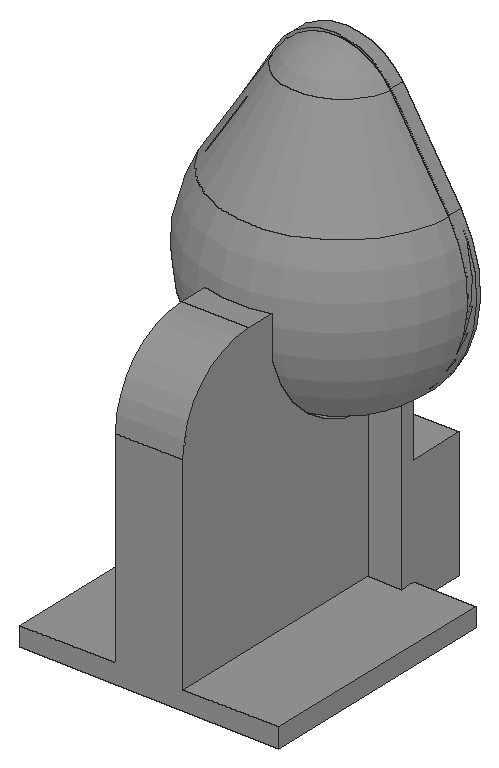
Revit family "Toilet-Willoughby-1490-ETW-CM-BS", category Plumbing Fixtures, host Face, Revit 2014
Parameters (values of type "Standard")
  Waste DIA = 2 1/2"
  Waste Connection = yes
  W-RAD [instance] = Waste DIA / 2  # 0' - 1 1/4"
  Vent Connection = no
  URL = "www.willoughby-ind.com"
  Type Comments = ""
  Revision = "A"
  Model = "ETW-1490-CM-BS"
  Manufacturer = "Willoughby Industries"
  HW Connection = no
  Flush inlet DIA = 1 1/2"
  Flush Inlet Connection = yes
  Fixture Body = Stainless Steel AISI 304-Willoughby
  F-RAD [instance] = Flush inlet DIA / 2  # 0' - 0 3/4"
  Description = "Carrier Mounted Toilet"
  Default Elevation = 0' - 0"
  Contact Number = "(800) 428-4065"
  CW Connection = no
Reference planes (in)
  plane 1 "Base": y = -16.25
  plane 2: z = 0
  plane 3 "Center": x = 18.31072
  plane 4 "Waste height": y = -4.75
  plane 5 "Seat HGT": y = -1.25
  plane 6: z = -6.75
  plane 7: y = -2.125
  plane 8 "Unit HGT Off Floor": y = -14.0625
  plane 9 "Flush Inlet HGT": y = 0.5
  plane 10: x = 16.56072
  plane 11: x = 20.06072
  plane 12: x = 11.56072
  plane 13: x = 25.06072
Forms (in)
  Extrusion 1, solid, material "Stainless Steel AISI 304-Willoughby" <- "Fixture Body"
    sketch origin (16.08109, 7.47968, -7.1422) x (-1, 0, 0) y (0, 0, -1)
      loop
        line (1.29775, -16.80087) -> (1.29775, -7.1422) -> (-5.72963, -7.1422) -> (-5.72963, -16.81676)
        arc (-5.72963, -16.81676) -> (-8.98136, -21.11843) -> (-8.21015, -26.45542) r 7
        line (-8.21015, -26.45542) -> (-5.16818, -31.31054)
        arc (-5.16818, -31.31054) -> (-2.20225, -32.95225) -> (0.76368, -31.31054) r 3.5
        line (0.76368, -31.31054) -> (3.80565, -26.45542)
        arc (3.80565, -26.45542) -> (4.5729, -21.10311) -> (1.29775, -16.80087) r 7
      loop
        arc (2.03989, -24.70557) -> (-2.20225, -18.23804) -> (-6.44438, -24.70557) r 4.625
        line (-6.44438, -24.70557) -> (-4.04125, -30.23842)
        arc (-4.04125, -30.23842) -> (-2.20225, -31.45225) -> (-0.36324, -30.23842) r 2
        line (-0.36324, -30.23842) -> (2.03989, -24.70557)
    from 8.72968 to 9.5
  Revolve 2, solid, material "Stainless Steel AISI 304-Willoughby" <- "Fixture Body"
    sketch origin (19.37246, -1.52032, -3.93826) x (-1, 0, 0) y (0, 0, -1)
      loop
        line (1.06174, -12.59906) -> (1.06174, -12.84906)
        arc (1.06174, -12.84906) -> (6.96784, -16.33096) -> (6.78077, -23.18447) r 6.75
        line (6.78077, -23.18447) -> (3.81535, -27.91457)
        arc (3.81535, -27.91457) -> (2.63527, -29.03194) -> (1.06174, -29.43826) r 3.25
        line (1.06174, -29.43826) -> (1.06174, -29.68826)
        arc (1.06174, -29.68826) -> (2.75672, -29.25045) -> (4.02767, -28.04656) r 3.5
        line (4.02767, -28.04656) -> (7.06964, -23.19143)
        arc (7.06964, -23.19143) -> (7.15052, -16.14555) -> (1.06174, -12.59906) r 7
      axis (1.06174, -12.59906) -> (1.06174, -29.68826)
    angle from 0 to -180
  Extrusion 3, solid, material "Stainless Steel AISI 304-Willoughby" <- "Fixture Body"
    sketch origin (19.53334, -3.02032, -4.9508) x (0, 1, 0) y (0, 0, 1)
      loop
        line (-5.27082, 4.9508) -> (1, 4.9508) -> (1, 13.76086)
        arc (1, 13.76086) -> (-2.93256, 15.26109) -> (-5.27082, 18.76086) r 6.92744
        line (-5.27082, 18.76086) -> (-5.27082, 4.9508)
    from 0.52738 to -2.97262
  Extrusion 4, solid, material "Stainless Steel AISI 304-Willoughby" <- "Fixture Body"
    sketch origin (17.03334, 24.08792, -4.30581) x (0, 1, 0) y (0, 0, 1)
      loop
        line (-32.37906, 4.30581) -> (-32.37906, 20.30581) -> (-33.87467, 20.30581)
        arc (-33.87467, 20.30581) -> (-36.89808, 19.05347) -> (-38.15042, 16.03006) r 4.27575
        line (-38.15042, 16.03006) -> (-38.15042, 4.30581) -> (-32.37906, 4.30581)
    from -0.47262 to 3.02738
  Extrusion 5, solid, material "Stainless Steel AISI 304-Willoughby" <- "Fixture Body"
    sketch origin (0, 14.59309, 0) x (1, 0, 0) y (0, 1, 0)
      loop
        circle (18.31072, -19.34309) r 1.25
    from 5.5 to 0
  Extrusion 6, solid, material "Stainless Steel AISI 304-Willoughby" <- "Fixture Body"
    sketch origin (18.31072, 0, 0) x (0, 1, 0) y (0, 0, 1)
      loop
        line (-1.25, 0) -> (1.75, 0) -> (1.75, 6.6875) -> (-1.25, 6.6875) -> (-1.25, 0)
    from -3.52738 to 3.5
  Extrusion 7, solid, material "Stainless Steel AISI 304-Willoughby" <- "Fixture Body"
    sketch origin (0, 0, 0) x (1, 0, 0) y (0, 1, 0)
      loop
        circle (18.31072, 0.5) r 0.75
    from 0 to 1
  Extrusion 8, solid, material "Stainless Steel AISI 304-Willoughby" <- "Fixture Body"
    sketch origin (0, -16.25, 0) x (1, 0, 0) y (0, 0, 1)
      loop
        line (25.06072, 0) -> (25.06072, 1) -> (11.56072, 1) -> (11.56072, 0) -> (25.06072, 0)
    from -15 to -2.1875
Cuts and joins
  joined: Extrusion 1, Extrusion 3, Extrusion 4, Extrusion 6, Extrusion 8
Lines and regions (in)
  model lines, detail levels coarse+medium
    curve 1: line (25.06072, -16.25, 0) -> (25.06072, -16.25, 1)
  symbolic lines
    curve 2: line (25.06072, -14.0625, 0) -> (11.56072, -14.0625, 0)
    curve 3: line (11.56072, -14.0625, 0) -> (11.56072, -1.25, 0)
    curve 4: line (11.56072, -1.25, 0) -> (25.06072, -1.25, 0)
    curve 5: line (25.06072, -1.25, 0) -> (25.06072, -14.0625, 0)
    curve 6: line (11.28334, -2.02032, 0) -> (11.28334, -1.25, 0)
    curve 7: line (11.28334, -1.25, 0) -> (25.28334, -1.25, 0)
    curve 8: line (25.28334, -1.25, 0) -> (25.28334, -2.02032, 0)
    curve 9: arc (25.28334, -2.02032, 0) -> (23.0845, -6.65053, 0) -> (18.31072, -8.51727, 0) r 6.95592
    curve 10: arc (18.31072, -8.51727, 0) -> (13.53404, -6.6349, 0) -> (11.28334, -2.02032, 0) r 7.0842
    curve 11: line (14.78334, -1.25, 0) -> (14.78334, 1.75, 0)
    curve 12: line (14.78334, 1.75, 0) -> (21.81072, 1.75, 0)
    curve 13: line (21.81072, 1.75, 0) -> (21.81072, -1.25, 0)
    curve 14: line (20.06072, -8.30181, 0) -> (20.06072, -14.0625, 0)
    curve 15: line (16.56072, -8.28944, 0) -> (16.56072, -14.0625, 0)
    curve 16: line (11.56072, -16.25, 0) -> (25.06072, -16.25, 0)
    curve 17: line (25.06072, -16.25, 1) -> (21.81072, -16.25, 1)
    curve 18: line (21.81072, -16.25, 1) -> (21.81072, -16.25, 9.67456)
    curve 19: line (11.56072, -16.25, 0) -> (11.56072, -16.25, 1)
    curve 20: line (11.56072, -16.25, 1) -> (14.78334, -16.25, 1)
    curve 21: line (14.78334, -16.25, 1) -> (14.78334, -16.25, 9.65867)
    curve 23: arc (21.81072, -16.25, 9.67456) -> (25.08997, -16.25, 13.96915) -> (24.29124, -16.25, 19.31322) r 6.93374
    curve 24: line (24.29124, -16.25, 19.31322) -> (21.24927, -16.25, 24.16835)
    curve 25: arc (21.24927, -16.25, 24.16835) -> (19.97832, -16.25, 25.37224) -> (18.28334, -16.25, 25.81005) r 3.5
    curve 26: arc (18.28334, -16.25, 25.81005) -> (16.58835, -16.25, 25.37224) -> (15.31741, -16.25, 24.16835) r 3.5
    curve 27: line (15.31741, -16.25, 24.16835) -> (12.35249, -16.25, 19.43905)
    curve 28: arc (12.35249, -16.25, 19.43905) -> (11.49002, -16.25, 14.03241) -> (14.78334, -16.25, 9.65867) r 7
    curve 34: line (18.31072, -14.0625, 0) -> (18.31072, 1.75, 0)
    curve 35: line (18.31072, 1.75, 0) -> (18.31072, 1.75, 6.6875)
    curve 36: line (18.31072, 1.75, 6.6875) -> (18.31072, -1.25, 6.6875)
    curve 37: line (18.31072, -1.25, 6.6875) -> (18.31072, -1.25, 25.81005)
    curve 38: line (18.31072, -1.25, 25.81005) -> (18.31072, -2.02032, 25.81005)
    curve 39: arc (18.31072, -2.02032, 25.81005) -> (18.31072, -3.2711, 25.30166) -> (18.31072, -4.27634, 24.40034) r 3.93423
    curve 40: line (18.31072, -4.27634, 24.40034) -> (18.31072, -7.52822, 19.25317)
    curve 41: arc (18.31072, -7.52822, 19.25317) -> (18.31072, -8.20736, 17.68218) -> (18.31072, -8.52281, 16) r 7.7025
    curve 42: line (18.31072, -8.29114, 16) -> (18.31072, -9.78675, 16)
    curve 43: arc (18.31072, -9.78675, 16) -> (18.31072, -12.81016, 14.74766) -> (18.31072, -14.0625, 11.72425) r 4.27575
    curve 44: line (18.31072, -14.0625, 11.72425) -> (18.31072, -14.0625, 0)
    curve 45: line (18.31072, -14.0625, 1) -> (18.31072, -2.02032, 1)
    curve 46: line (18.31072, -2.02032, 1) -> (18.31072, -2.02032, 9.65867)
    curve 47: line (18.31072, -2.02032, 9.65867) -> (18.31072, -1.25, 9.65867)
    curve 48: arc (18.31072, -2.02032, 8.81005) -> (18.31072, -5.95289, 10.31029) -> (18.31072, -8.29114, 13.81005) r 6.92744
    curve 49: arc (18.31072, -8.29114, 13.81005) -> (18.31072, -8.3583, 14.90503) -> (18.31072, -8.29114, 16) r 8.95891
    curve 50: line (25.06072, -16.25, 0) -> (25.06072, -16.25, 1)
  symbolic lines, detail levels medium+fine
    curve 22: line (14.78334, -16.25, 6.6875) -> (21.81072, -16.25, 6.6875)
  symbolic lines, detail levels fine
    curve 29: arc (20.12234, -16.25, 23.09622) -> (19.38508, -16.25, 23.97923) -> (18.28334, -16.25, 24.31005) r 2
    curve 30: arc (18.28334, -16.25, 24.31005) -> (17.1816, -16.25, 23.97923) -> (16.44433, -16.25, 23.09622) r 2
    curve 31: line (16.44433, -16.25, 23.09622) -> (14.0412, -16.25, 17.56337)
    curve 32: line (20.12234, -16.25, 23.09622) -> (22.52547, -16.25, 17.56337)
    curve 33: arc (22.52547, -16.25, 17.56337) -> (18.28334, -16.25, 11.09585) -> (14.0412, -16.25, 17.56337) r 4.625
Dimensions and locks (in)
  plane 1 "Base" to plane 4 "Waste height" = 0' - 11 1/2"
  plane 1 "Base" to plane 5 "Seat HGT" = 1' - 3"
  plane 1 "Base" to plane 9 "Flush Inlet HGT" = 1' - 4 3/4"
  plane 12 to plane 13 = 1' - 1 1/2"
  locked: plane 12 to plane 3 "Center" at 6.75
  plane 1 "Base" to plane 8 "Unit HGT Off Floor" = 0' - 2 3/16"
  "W-RAD": radius of Extrusion 5 sketch curve
  "F-RAD": radius of Extrusion 7 sketch curve
  aligned and locked: plane 2 to host face
  aligned and locked: level to host face
  aligned and locked: plane 3 "Center" to Extrusion 5 sketch curve
  aligned and locked: plane 4 "Waste height" to Extrusion 5 sketch curve
  aligned and locked: plane 9 "Flush Inlet HGT" to Extrusion 7 sketch curve
  aligned and locked: plane 3 "Center" to Extrusion 7 sketch curve
  aligned and locked: plane 13 to cut or joined group of Extrusion 1, Extrusion 3, Extrusion 4, Extrusion 6, Extrusion 8
  aligned and locked: cut or joined group of Extrusion 1, Extrusion 3, Extrusion 4, Extrusion 6, Extrusion 8 to plane 12
  aligned and locked: cut or joined group of Extrusion 1, Extrusion 3, Extrusion 4, Extrusion 6, Extrusion 8 to cut or joined group of Extrusion 1, Extrusion 3, Extrusion 4, Extrusion 6, Extrusion 8  (x2)
  aligned and locked: curve 1 to cut or joined group of Extrusion 1, Extrusion 3, Extrusion 4, Extrusion 6, Extrusion 8
Automatic sketch dimensions
  host sketch curve to host sketch curve = 2' - 10.02889"
  host sketch curve to host sketch curve = 2' - 7.10954"
  Extrusion 1 sketch curve to Extrusion 1 sketch curve = 0' - 0"  (x8)
  Extrusion 1 sketch curve to level = 0' - 0"
  plane 3 "Center" to Extrusion 1 sketch curve = 0' - 5.98052"
  Extrusion 1 sketch curve to Extrusion 1 sketch curve = 0' - 1.76576"  (x2)
  plane 3 "Center" to Extrusion 1 sketch curve = 0' - 3 1/2"
  plane 3 "Center" to Extrusion 1 sketch curve = 0' - 2.93855"
  Extrusion 1 sketch curve to Extrusion 1 sketch curve = 0' - 1.12693"  (x2)
  Extrusion 1 sketch curve to plane 3 "Center" = 0' - 0.02738"  (x2)
  Extrusion 1 sketch curve to plane 3 "Center" = 0' - 1.86639"
  Extrusion 1 sketch curve to plane 3 "Center" = 0' - 3.52738"
  Extrusion 1 sketch curve to plane 3 "Center" = 0' - 4 69/256"
  Extrusion 1 sketch curve to Extrusion 1 sketch curve = 0' - 9.65867"
  Extrusion 1 sketch curve to Extrusion 1 sketch curve = 0' - 0.01589"
  Extrusion 1 sketch curve to Extrusion 1 sketch curve = 0' - 6.06218"
  Extrusion 1 sketch curve to Extrusion 1 sketch curve = 0' - 1.74985"
  Extrusion 1 sketch curve to Extrusion 1 sketch curve = 0' - 4.74668"
  Extrusion 1 sketch curve to Extrusion 1 sketch curve = 0' - 0.78617"
  Extrusion 1 sketch curve to Extrusion 1 sketch curve = 0' - 1.07212"
  Revolve 2 sketch curve to Revolve 2 sketch curve = 0' - 0"  (x2)
  Revolve 2 sketch curve to plane 3 "Center" = 0' - 0"  (x3)
  plane 3 "Center" to Revolve 2 sketch curve = 0' - 0"
  Revolve 2 sketch curve to plane 3 "Center" = 0' - 2.75361"
  Revolve 2 sketch curve to Revolve 2 sketch curve = 0' - 0.21232"
  Revolve 2 sketch curve to Revolve 2 sketch curve = 0' - 2.96542"
  Revolve 2 sketch curve to Revolve 2 sketch curve = 0' - 0.28887"
  level to Revolve 2 sketch curve = 2' - 1 3/4"
  Revolve 2 sketch curve to Revolve 2 sketch curve = 0' - 0 1/4"
  Revolve 2 sketch curve to Revolve 2 sketch curve = 0' - 1.3917"
  Revolve 2 sketch curve to Revolve 2 sketch curve = 0' - 0.13199"
  Revolve 2 sketch curve to Revolve 2 sketch curve = 0' - 4.85513"
  Revolve 2 sketch curve to Revolve 2 sketch curve = 0' - 0.00696"
  Revolve 2 sketch curve to Revolve 2 sketch curve = 0' - 3 1/4"
  Revolve 2 sketch curve to Revolve 2 sketch curve = 0' - 3.3392"
  Revolve 2 sketch curve to Revolve 2 sketch curve = 0' - 2.4108"
  Extrusion 3 sketch curve to level = 0' - 0"
  plane 4 "Waste height" to Extrusion 3 sketch curve = 0' - 3.54114"
  plane 7 to Extrusion 3 sketch curve = 0' - 0.10468"
  plane 5 "Seat HGT" to Extrusion 3 sketch curve = 0' - 0.38413"
  Extrusion 3 sketch curve to Extrusion 3 sketch curve = 0' - 8.81005"
  Extrusion 3 sketch curve to Extrusion 3 sketch curve = 0' - 5"
  Extrusion 4 sketch curve to plane 8 "Unit HGT Off Floor" = 0' - 0"
  Extrusion 4 sketch curve to level = 0' - 0"
  Extrusion 4 sketch curve to plane 8 "Unit HGT Off Floor" = 0' - 4.27575"
  Extrusion 4 sketch curve to Extrusion 4 sketch curve = 0' - 1.49561"
  Extrusion 4 sketch curve to Extrusion 4 sketch curve = 0' - 11.72425"
  Extrusion 6 sketch curve to level = 0' - 0"
  Extrusion 6 sketch curve to plane 5 "Seat HGT" = 0' - 0"
  Extrusion 6 sketch curve to plane 9 "Flush Inlet HGT" = 0' - 1 1/4"
  level to Extrusion 6 sketch curve = 0' - 6 11/16"
  Extrusion 8 sketch curve to plane 12 = 0' - 0"
  Extrusion 8 sketch curve to plane 13 = 0' - 0"
  Extrusion 8 sketch curve to level = 0' - 0"
  level to Extrusion 8 sketch curve = 0' - 1"
  plane 5 "Seat HGT" to curve 6 = 0' - 0"
  plane 5 "Seat HGT" to curve 4 = 0' - 0"
  curve 4 to plane 12 = 0' - 0"
  curve 15 to plane 10 = 0' - 0"
  curve 9 to plane 3 "Center" = 0' - 0"
  curve 10 to plane 3 "Center" = 0' - 0"
  curve 14 to plane 11 = 0' - 0"
  curve 4 to plane 13 = 0' - 0"
  plane 8 "Unit HGT Off Floor" to curve 15 = 0' - 0"
  plane 7 to curve 6 = 0' - 0.10468"
  curve 11 to plane 10 = 0' - 1.77738"
  plane 3 "Center" to curve 9 = 0' - 0.03185"
  plane 3 "Center" to curve 10 = 0' - 0.03244"
  plane 11 to curve 13 = 0' - 1 3/4"
  curve 4 to curve 8 = 0' - 0.22262"
  plane 7 to curve 8 = 0' - 0.10468"
  curve 12 to plane 9 "Flush Inlet HGT" = 0' - 1 1/4"
  curve 10 to curve 15 = 0' - 0.22783"
  curve 34 to level = 0' - 0"
  curve 34 to plane 8 "Unit HGT Off Floor" = 0' - 0"
  curve 36 to plane 5 "Seat HGT" = 0' - 0"
  curve 42 to plane 8 "Unit HGT Off Floor" = 0' - 4.27575"
  plane 4 "Waste height" to curve 40 = 0' - 2.77822"
  curve 40 to plane 4 "Waste height" = 0' - 0.47366"
  plane 7 to curve 38 = 0' - 0.10468"
  plane 7 to curve 47 = 0' - 0.10468"
  plane 5 "Seat HGT" to curve 48 = 0' - 0.38413"
  curve 39 to plane 5 "Seat HGT" = 0' - 0.06372"
  curve 41 to plane 5 "Seat HGT" = 0' - 0.40858"
  curve 49 to plane 9 "Flush Inlet HGT" = 0' - 0.10061"
  curve 35 to plane 9 "Flush Inlet HGT" = 0' - 1 1/4"
  level to curve 46 = 0' - 1"
  level to curve 35 = 0' - 6 11/16"
  curve 36 to curve 47 = 0' - 2.97117"
  curve 46 to curve 43 = 0' - 2.06558"
  curve 49 to curve 41 = 0' - 0.52516"
  curve 41 to curve 48 = 0' - 0.29653"
  curve 42 to curve 40 = 0' - 3.25317"
  curve 48 to curve 39 = 0' - 6.23853"
  curve 39 to curve 40 = 0' - 2.43509"
  curve 41 to curve 42 = 0' - 0.23168"
  curve 49 to curve 42 = 0' - 0"
  curve 48 to curve 46 = 0' - 0.84862"
  curve 25 to curve 26 = 0' - 0"
  curve 26 to curve 29 = 0' - 0"  (x2)
  curve 28 to curve 33 = 0' - 0"  (x2)
  curve 29 to curve 30 = 0' - 0"
  curve 19 to plane 12 = 0' - 0"
  curve 50 to level = 0' - 0"
  plane 12 to curve 27 = 0' - 0.79177"
  plane 12 to curve 31 = 0' - 2 123/256"
  curve 21 to plane 10 = 0' - 1.77738"
  curve 27 to plane 10 = 0' - 1.24331"
  curve 31 to plane 10 = 0' - 0.11639"
  curve 29 to plane 3 "Center" = 0' - 0.02738"
  curve 28 to plane 3 "Center" = 0' - 0.02738"
  plane 3 "Center" to curve 23 = 0' - 0.06431"
  plane 11 to curve 32 = 0' - 0.06162"
  plane 11 to curve 24 = 0' - 1.18855"
  plane 11 to curve 17 = 0' - 1 3/4"
  plane 11 to curve 32 = 0' - 2.46475"
  curve 24 to plane 13 = 0' - 0.76948"
  level to curve 18 = 0' - 1"
  level to curve 19 = 0' - 1"
  curve 20 to curve 21 = 0' - 8.65867"
  curve 21 to curve 18 = 0' - 0.01589"
  curve 18 to curve 23 = 0' - 6.02269"
  curve 23 to curve 33 = 0' - 0.0236"
  curve 32 to curve 24 = 0' - 1.74985"
  curve 32 to curve 29 = 0' - 4.74668"
  curve 25 to curve 32 = 0' - 0.78617"
  curve 29 to curve 24 = 0' - 1.07212"
  curve 22 to curve 18 = 0' - 2.98706"
Connectors (in)
  piping at (18.31072, -4.75, 0), diameter 2.5, driven by "W-RAD", driven by "Waste Connection"
    settings: on Extrusion 5, index 1, connector inside diameter 2 1/2", connector length 0' - 0", flow factor 0, pipe flow 0 GPM, pressure drop 0.00 psi, fitting loss kfactor 0, connector angle 0.00°, fixture units 0, engagement length 0' - 0", angle of deflection 0.00°, flow configuration 0, flow direction 2, fitting loss method 0, system type 16, joint type 0, gender type 0, connector reference index -1, connector utility 1, adjustable connector no, is connector primary yes, connector description "Toilet Waste"
  piping at (18.31072, 0.5, 1), diameter 1.5, driven by "F-RAD", driven by "Flush Inlet Connection"
    settings: on Extrusion 7, index 2, connector inside diameter 1 1/2", connector length 0' - 0", flow factor 0, pipe flow 0 GPM, pressure drop 0.00 psi, fitting loss kfactor 0, connector angle 0.00°, fixture units 0, engagement length 0' - 0", angle of deflection 0.00°, flow configuration 0, flow direction 1, fitting loss method 0, system type 20, joint type 0, gender type 0, connector reference index -1, connector utility 1, adjustable connector no, is connector primary no, connector description "Flush Inlet"
